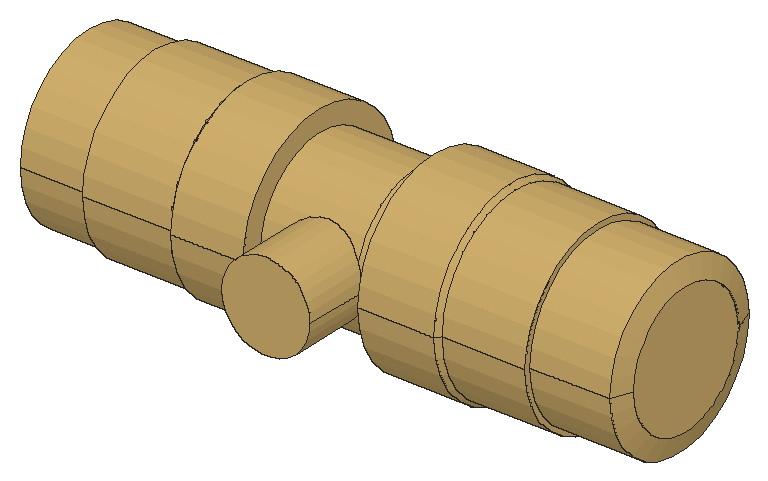
Revit family "Plumbing_Joints_Aignep_Female-Fitting-For-Our-Outlet-90237", category Pipe Fittings, Revit 2018
Family settings
  Round Connector Dimension = Use Diameter
  Part Type = Tee
  OmniClass Number = 23.27.43.00
  Work Plane-Based = No
  Always vertical = Yes
  Cut with Voids When Loaded = No
  Shared = No
Parameters (values of type "90237")
  Product Material [instance] = AIGNEP - Brass - Yellow
  Note [instance] = "For diameter 63, use Aluminium"  # constant formula
  Material secondary = "Aluminium"
  FD [instance] = Nominal Diameter 02 * 1.25  # 15.875 mm
  DFE [instance] = 0.6 * E  # 20.700 mm
  B/2 [instance] = B / 2  # 15.750 mm
  Tick Size 02 [instance] = Nominal Diameter 02 * 0.8  # 10.160 mm
  QR code = "https://www.bimobject.com/en-us/aignep/product/female-fitting-for-our-outlet-90237"
  Product url = "https://www.aignep.com/eng/Pipe-fittings-INFINITY/Air-Pipeline-INFINITY-Series/FEMALE-FITTING-FOR-OUTLET2"
  Product name = "Female fitting for our outlet - 90237"
  Product group = "Fittings"
  Product family = "INFINITY"
  Product certification = "https://www.aignep.com/eng/Certificazioni/FREE-OF-SILICON"
  Product SKU = "Female-fitting-for-our-outlet-90237"
  OmniClass Description = "Pipe Fittings"
  OmniClass Code = "23-27 43 00"
  Nominal Diameter 02 [instance] = 12.700 mm
  Nominal Diameter 01 [instance] = 20.000 mm
  Material main = "Brass"
  Manufacturer name = "Aignep Spa"
  Manufacturer country = "Italy"
  L2 [instance] = size_lookup(Lookup Table Name, "L2", 0.000 mm, Nominal Diameter 01, Nominal Diameter 02)  # 25.000 mm
  L1 [instance] = size_lookup(Lookup Table Name, "L1", 0.000 mm, Nominal Diameter 01, Nominal Diameter 02)  # 109.000 mm
  IFC Classification = "Pipe Fitting"
  Design country = "Italy"
  Description = "Female fitting for our outlet"  # constant formula
  CH1 [instance] = size_lookup(Lookup Table Name, "CH1", 0.000 mm, Nominal Diameter 01, Nominal Diameter 02)  # 30.000 mm
  CH [instance] = size_lookup(Lookup Table Name, "CH", 0.000 mm, Nominal Diameter 01, Nominal Diameter 02)  # 28.000 mm
  A [instance] = size_lookup(Lookup Table Name, "A", 0.000 mm, Nominal Diameter 01, Nominal Diameter 02)  # 13.500 mm
  URL = "https://www.aignep.com/"
  Tick Size 01 [instance] = Nominal Diameter 01 * 0.8  # 16.000 mm
  Product data url = "https://www.bimobject.com/aignep/product/female-fitting-for-our-outlet-90237"
  Product Guid = "310fcf02-996f-4904-afb4-76d37c5df255"
  Model = "90237"  # constant formula
  Manufacturer = "Aignep Spa"  # constant formula
  Lookup Table Name = "Tee - 90237"  # constant formula
  Keynote = "15410"
  Edition number = 1
  C [instance] = size_lookup(Lookup Table Name, "C", 0.000 mm, Nominal Diameter 01, Nominal Diameter 02)  # 48.000 mm
  E [instance] = size_lookup(Lookup Table Name, "E", 0.000 mm, Nominal Diameter 01, Nominal Diameter 02)  # 34.500 mm
  BIMobject category = "Joints"
  B [instance] = size_lookup(Lookup Table Name, "B", 0.000 mm, Nominal Diameter 01, Nominal Diameter 02)  # 31.500 mm
  Assembly Code = "D2040100"
  Article Code [instance] = size_lookup(Lookup Table Name, "", "", Nominal Diameter 01, Nominal Diameter 02)  # "90237 00 007"
Reference planes
  plane 1 "Center (Front/Back)": y = 0
  plane 2: z = 0
  plane 3 "Center (Left/Right)": x = 0
  plane 4: x = -24
  plane 5: x = 24
  plane 6: y = -25
  plane 7: x = 55.5
  plane 8: x = -53.5
  plane 9: y = -11.5
  plane 10: y = 17.25
  plane 11: y = -17.25
  plane 12: x = -10.35
  plane 13: x = 10.35
  plane 14: z = -17.25
  plane 15: z = 17.25
Forms (mm)
  Sweep 1, solid, not visible, detail levels coarse
    path in 3D
      loop
        line (-24, 0, 0) -> (24, 0, 0)
    profile origin (0, 0, 0) x (0, 1, 0) y (0, 0, 1)
      loop
        circle (0, 0) r 10
  Sweep 2, solid, not visible, detail levels coarse
    path in 3D
      loop
        line (0, 0, 0) -> (0, -11.5, 0)
    profile origin (0, -5.75, 0) x (1, 0, 0) y (0, 0, 1)
      loop
        circle (0, 0) r 6.35
  Sweep 3, solid, material "AIGNEP - Brass - Yellow" <- "Product Material", detail levels fine
    path origin (-32.5, 55.314, 1200) x (0, 1, 0) y (0, 0, 1)
      loop
        circle (-55.314, -1200) r 10
    profile origin (-32.5, 0, 10) x (0, 0, -1) y (1, 0, 0)
      loop
        line (-6.5, -7.25) -> (-5.55, -7.25) -> (-5.55, -19.25) -> (-1.75, -21) -> (0, -21) -> (0, 39.4) -> (0, 88) -> (-1.75, 88) -> (-5.55, 86.75) -> (-5.55, 72.25) -> (-6.5, 72.25) -> (-6.5, 57.25) -> (-7.25, 56.5) -> (-7.25, 42.85) -> (-3.5, 42.85) -> (-3.5, 39.304) -> (-3.5, 22.15) -> (-7.25, 22.15) -> (-7.25, 9.25) -> (-6.5, 8.5) -> (-6.5, -7.25)
  Sweep 4, solid, material "AIGNEP - Brass - Yellow" <- "Product Material", detail levels fine
    path origin (0, 0, 0) x (1, 0, 0) y (0, 1, 0)
      loop
        line (-53.5, 0) -> (55.5, 0)
    profile origin (1, 0, 0) x (0, 1, 0) y (0, 0, 1)
      loop
        circle (0, 0) r 10
  Sweep 5, solid, material "AIGNEP - Brass - Yellow" <- "Product Material", detail levels fine
    path origin (0, 0, 0) x (1, 0, 0) y (0, 1, 0)
      loop
        line (0, 0) -> (0, -25)
    profile origin (0, -12.5, 0) x (1, 0, 0) y (0, 0, 1)
      loop
        circle (0, 0) r 7.938
Cuts and joins
  joined: Sweep 3, Sweep 4, Sweep 5
Lines and regions (mm)
  model lines, detail levels coarse+medium
    curve 1: line (-24, 0, 0) -> (24, 0, 0)
    curve 2: line (0, 0, 0) -> (0, -11.5, 0)
    curve 3: line (-24, 8, 0) -> (-24, -8, 0)
    curve 4: line (24, 8, 0) -> (24, -8, 0)
    curve 5: line (-5.08, -11.5, 0) -> (5.08, -11.5, 0)
  sketch lines
    curve 6: line (-24, 0, 0) -> (24, 0, 0)
    curve 7: line (0, 0, 0) -> (0, -11.5, 0)
Dimensions and locks
  equal spacing: plane 4, plane 3 "Center (Left/Right)", plane 5
  "C": plane 4 to plane 5
  "B": plane 5 to plane 7
  "L1": plane 8 to plane 7
  "L2": plane 6 to plane 1 "Center (Front/Back)"
  equal spacing: plane 10, plane 1 "Center (Front/Back)", plane 11
  "E": plane 10 to plane 11
  equal spacing: plane 12, plane 3 "Center (Left/Right)", plane 13
  "DFE": plane 12 to plane 13
  equal spacing: curve 3, plane 1 "Center (Front/Back)", curve 3
  "Tick Size 01": curve 3 to curve 3
  equal spacing: curve 4, plane 1 "Center (Front/Back)", curve 4
  "Tick Size 01": curve 4 to curve 4
  equal spacing: curve 5, plane 3 "Center (Left/Right)", curve 5
  "Tick Size 02": curve 5 to curve 5
  equal spacing: plane 15, plane 2, plane 14
  "E": plane 15 to plane 14
  "B/2": plane 4 to Sweep 3 sketch curve
  "B/2": Sweep 3 sketch curve to plane 5
  locked: Sweep 3 sketch curve to Sweep 3 sketch curve at 1.75
  locked: Sweep 3 sketch curve to profile plane at 1.75
  "A": plane 9 to plane 6
  "Nominal Diameter 01": diameter of Sweep 1 sketch curve
  "Nominal Diameter 02": diameter of Sweep 2 sketch curve
  "Nominal Diameter 01": diameter of Sweep 3 sketch curve
  "Nominal Diameter 01": diameter of Sweep 4 sketch curve
  "FD": diameter of Sweep 5 sketch curve
  aligned and locked: level to plane 2
  aligned and locked: plane 1 "Center (Front/Back)" to curve 1
  aligned and locked: plane 4 to curve 1
  aligned and locked: curve 2 to plane 3 "Center (Left/Right)"
  aligned and locked: plane 1 "Center (Front/Back)" to curve 2
  aligned and locked: curve 3 to plane 4
  aligned and locked: plane 1 "Center (Front/Back)" to Sweep 1 sketch curve
  aligned and locked: plane 2 to Sweep 1 sketch curve
  aligned and locked: plane 3 "Center (Left/Right)" to Sweep 2 sketch curve
  aligned and locked: plane 2 to Sweep 2 sketch curve
  aligned and locked: plane 5 to curve 1
  aligned and locked: curve 4 to plane 5
  aligned and locked: plane 1 "Center (Front/Back)" to Sweep 3 sketch curve
  aligned and locked: plane 2 to Sweep 3 sketch curve
  aligned and locked: Sweep 3 sketch curve to profile plane
  aligned and locked: Sweep 3 sketch curve to plane 8
  aligned and locked: Sweep 3 sketch curve to plane 15
  aligned and locked: Sweep 3 sketch curve to plane 12
  aligned and locked: plane 4 to Sweep 3 sketch curve
  aligned and locked: Sweep 3 sketch curve to plane 13
  aligned and locked: Sweep 3 sketch curve to plane 7
  aligned and locked: plane 15 to Sweep 3 sketch curve
  aligned and locked: plane 8 to Sweep 4 sketch curve
  aligned and locked: plane 7 to Sweep 4 sketch curve
  aligned and locked: plane 1 "Center (Front/Back)" to Sweep 4 sketch curve
  aligned and locked: level to Sweep 4 sketch curve
  aligned and locked: plane 1 "Center (Front/Back)" to Sweep 5 sketch curve
  aligned and locked: Sweep 5 sketch curve to plane 3 "Center (Left/Right)"
  aligned and locked: plane 3 "Center (Left/Right)" to Sweep 5 sketch curve
  aligned and locked: plane 2 to Sweep 5 sketch curve
  aligned and locked: plane 6 to Sweep 5 sketch curve
  aligned and locked: plane 5 to Sweep 3 sketch curve
  aligned and locked: curve 5 to plane 9
Automatic sketch dimensions
  Sweep 3 sketch curve to plane 15 = 0.750 mm  (x2)
  Sweep 3 sketch curve to Sweep 3 sketch curve = 0.950 mm
  Sweep 3 sketch curve to plane 15 = 1.700 mm
  profile plane to Sweep 3 sketch curve = 3.500 mm
  Sweep 3 sketch curve to Sweep 3 sketch curve = 1.750 mm
  Sweep 3 sketch curve to Sweep 3 sketch curve = 0.750 mm  (x2)
  Sweep 3 sketch curve to Sweep 3 sketch curve = 3.546 mm
  Sweep 3 sketch curve to Sweep 3 sketch curve = 0.096 mm
  Sweep 3 sketch curve to Sweep 3 sketch curve = 1.250 mm
  Sweep 4 sketch curve to profile plane = 0.000 mm
Connectors
  piping at (-24, 0, 0), diameter 20, driven by "Nominal Diameter 01"
    settings: on Sweep 1, index 1, connector inside diameter 609.600 mm, connector length 0.000 mm, flow factor 0, pipe flow 0.0 L/s, pressure drop 0.0 Pa, fitting loss kfactor 0, connector angle 0.00°, fixture units 0, engagement length 0.000 mm, angle of deflection 0.00°, flow configuration 0, flow direction 0, fitting loss method 0, system type 28, joint type 0, gender type 0, connector reference index -1, connector utility 0, adjustable connector no, is connector primary yes, connector description ""
  piping at (24, 0, 0), diameter 20, driven by "Nominal Diameter 01"
    settings: on Sweep 1, index 2, connector inside diameter 609.600 mm, connector length 0.000 mm, flow factor 0, pipe flow 0.0 L/s, pressure drop 0.0 Pa, fitting loss kfactor 0, connector angle 0.00°, fixture units 0, engagement length 0.000 mm, angle of deflection 0.00°, flow configuration 0, flow direction 0, fitting loss method 0, system type 28, joint type 0, gender type 0, connector reference index -1, connector utility 0, adjustable connector no, is connector primary no, connector description ""
  piping at (0, -11.5, 0), diameter 12.7, driven by "Nominal Diameter 02"
    settings: on Sweep 2, index 3, connector inside diameter 609.600 mm, connector length 0.000 mm, flow factor 0, pipe flow 0.0 L/s, pressure drop 0.0 Pa, fitting loss kfactor 0, connector angle 0.00°, fixture units 0, engagement length 0.000 mm, angle of deflection 0.00°, flow configuration 0, flow direction 0, fitting loss method 0, system type 28, joint type 0, gender type 0, connector reference index -1, connector utility 0, adjustable connector no, is connector primary no, connector description ""
